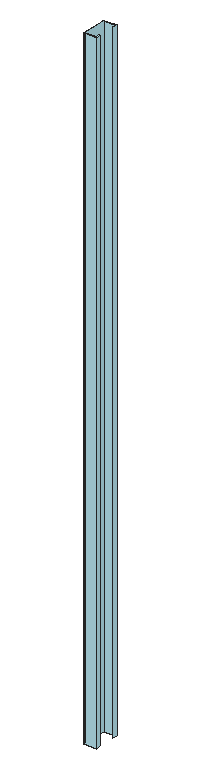
Revit family "40補強材", category 機械設備, Revit 2020
Family settings
  丸型コネクタ寸法 = 直径を使用
  種別 = なし
  パーツ タイプ = 標準
  作業面ベース = いいえ
  常に垂直 = はい
  ロード時にボイドで切り取り = いいえ
  共有 = いいえ
  部屋計算ポイント = いいえ
Parameters
  製造元 = "株式会社桐井製作所"
  既定の高さ = 0 mm
  URL = "https://www.kirii.co.jp/"
  K_長さ(mm) [instance] = 1000 mm
  K_材質 = "SGCC一般用・SGC340~570高強度一般用・SGH340~570高強度一般用"
  K_外形寸法(mm) = "40×20×7"
  K_品名 = "40補強材"
  K_名称 = "補強材"
  K_バージョン情報 = "20210524"
  K_めっき付着量 = "Z08"
  K_JIS規格 = "JIS G 3302"
Reference planes
  plane 1 "中心(正面/背面)": y = 0
  plane 2: z = 0
  plane 3 "中心(左/右)": x = 0
  plane 4: z = 1000
  plane 5: y = 40
Forms (mm)
  Extrusion 1, solid
    sketch origin (0, 0, 0) x (1, 0, 0) y (0, 1, 0)
      loop
        line (0, 0) -> (20, 0) -> (20, 7) -> (18.8, 7) -> (18.8, 1.2) -> (1.2, 1.2) -> (1.2, 38.8) -> (18.8, 38.8) -> (18.8, 33) -> (20, 33) -> (20, 40) -> (0, 40) -> (0, 0)
    from 0 to 1000
Dimensions and locks
  "K_長さ(mm)": plane 4 to plane 2
  aligned and locked: level to plane 2
  aligned and locked: plane 4 to Extrusion 1
Automatic sketch dimensions
  Extrusion 1 sketch curve to plane 3 "中心(左/右)" = 0 mm
  plane 1 "中心(正面/背面)" to Extrusion 1 sketch curve = 0 mm
  Extrusion 1 sketch curve to plane 5 = 0 mm
  plane 3 "中心(左/右)" to Extrusion 1 sketch curve = 1.2 mm
  Extrusion 1 sketch curve to plane 1 "中心(正面/背面)" = 7 mm
  Extrusion 1 sketch curve to Extrusion 1 sketch curve = 17.6 mm  (x2)
  Extrusion 1 sketch curve to plane 5 = 1.2 mm
  Extrusion 1 sketch curve to Extrusion 1 sketch curve = 1.2 mm  (x2)
  Extrusion 1 sketch curve to plane 1 "中心(正面/背面)" = 1.2 mm
  Extrusion 1 sketch curve to Extrusion 1 sketch curve = 5.8 mm
